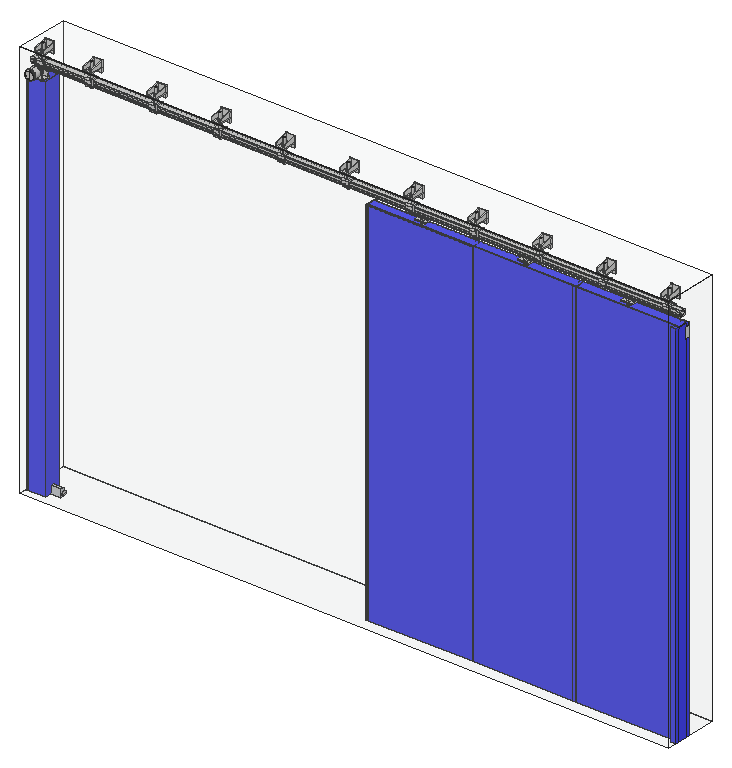
Revit family "Somati-System_SGS_Horizontal-fire-sliding-door_9050_lintel_counterweight-behind-door-access_E120_W-to-H-less-or-equal-1,3", category Doors, host Wall, Revit 2018
Family settings
  Host = Wall
  OmniClass Number = 23.30.10.00
  OmniClass Title = Doors
  Always vertical = Yes
  Cut with Voids When Loaded = No
  Shared = No
  Room Calculation Point = No
Parameters (values of type "EI 120")
  Youtube clip = "https://www.youtube.com/watch?v=pRjbxBvixFY&feature=emb_logo"
  Wing top offset [instance] = 136 mm  # constant formula
  Wing thickness = 81.2 mm
  Wing access (D) [instance] = [Width (W)] + 150 mm  # 3150 mm
  Width (W) [instance] = 3000 mm
  Weight Net (Kg) = "0"
  Uniformat II Description = ""
  Uniformat II Code = ""
  Uniclass 2015 Name = ""
  Uniclass 2015 Code = ""
  Uniclass 2.0 Description = ""
  Uniclass 2.0 Code = ""
  Uniclass 1.4 Description = ""
  Uniclass 1.4 Code = ""
  UNSPSC Code = ""
  Total height (Z) [instance] = Height Control + 420 mm  # 4020 mm
  Thickness = 0 mm
  Technical description = "https://somati-system.pl/en/download/sgs-download-en/"
  Region South America = "None"
  Region Oceania = "None"
  Region North America = "None"
  Region Middle East = "None"
  Region Europe = "AD, AL, AT, AX, BA, BE, BG, BY, CH, CY, CZ, DE, DK, EE, ES, FI, FO, FR, GB, GG, GI, GR, HR, HU, IE, IM, IS, IT, JE, LI, LT, LU, LV, MC, MD, ME, MK, MT, NL, NO, PL, PT, RO, RS, RU, SE, SI, SJ, SK, SM, UA, VA"
  Region Asia = "None"
  Region Antarctica = "None"
  Region Africa = "None"
  Rail and assembly materials [instance] = Somati - Stainless Steel - 7035
  QR code = "http://bimobject.com/somati-system/product/SGS_HORIZONTAL_FIRE_SLIDING_DOOR"
  Product url = "https://somati-system.pl/en/products/sgs-horizontal-fire-sliding-doors/"
  Product group = "SGS"
  Product family = "SGS"
  Product data url = "https://bimobject.com/somati-system/product/SGS_HORIZONTAL_FIRE_SLIDING_DOOR"
  Product certification = ""
  Product SKU = "SGS_HORIZONTAL_FIRE_SLIDING_DOOR"
  Product Guid = "8235eb12-0acf-4b60-9ca9-7613396e8d01"
  Power supply of control panel = "230V/50Hz/6A"  # constant formula
  Panel width [instance] = ([Width (W)] + 205 mm) / Number of panels in wing  # 1068.333 mm
  Panel material = Somati - Stainless Steel - Custom
  Panel height [instance] = Height Control + Wing top offset  # 3736 mm
  OmniClass Description = ""
  OmniClass Code = ""
  Offset Right [instance] = 0 mm
  Offset Left [instance] = [Counterweight housing (A2)]  # 195 mm
  Number of panels in wing [instance] = roundup([Width (W)] / 1000 mm)  # 3
  Number of hangers [instance] = ([Guide rail length (K)] - 420 mm) / 600 mm  # 10
  Nominal width = 0 mm
  Nominal height = 0 mm
  NBS Reference Description = ""
  NBS Reference Code = ""
  Model = "SGS"  # constant formula
  Max number of opening cycles = 50000  # constant formula
  Material secondary = "Composite"
  Material main = "Steel"
  Masterformat 2014 Description = ""
  Masterformat 2014 Code = ""
  Manufacturer name = "Somati System"
  Manufacturer country = "Poland"
  Manufacturer = "Somati System"  # constant formula
  Installation instructions = ""
  IFC Classification = ""
  Height Control [instance] = if([Height (H)] < 3501 mm, 3501 mm, [Height (H)])  # 3600 mm
  Height (H) [instance] = 3600 mm
  Guide rail lower edge (B1) [instance] = Height Control + 170 mm  # 3770 mm
  Guide rail length (K) [instance] = [Wing access (D)] + [Width (W)] + [Counterweight housing (A2)]  # 6345 mm
  Gate Control type = "Electromagnetic brake"  # constant formula
  GTIN code = ""
  Function = Interior
  Height = 2000 mm
  Wall Closure = By host
  Width = 1000 mm
  Fire resistance = "EI 60, EI 120 n"  # constant formula
  Edition number = 1
  Design country = "Poland"
  Date of publishing = ""
  Counterweight housing (A2) [instance] = if([Width (W)] / Height Control > 1.3, 330 mm, 195 mm)  # 195 mm
  Console mounting axis (B2) [instance] = if(Height Control > 3500 mm, Height Control + 239 mm, Height Control + 179 mm)  # 3839 mm
  Clearance Area Visibility [instance] = yes
  COBIe Type Category = ""
  Buffer (A1) [instance] = [Width (W)] + 330 mm  # 3330 mm
  Brand url = ""
  BIMobject main category code = "doors"
  BIMobject main category = "Doors"
  BIMobject category code = "doors-fire"
  BIMobject category = "Fire Doors & Shutters"
  Available surface fnish = "Galvanized Stainless Steel PVC, MDF, HDF, laminate or veneer, STANDARD RAL 7035, 9002, 9006, 9010, and powder coating of whole RAL pallet"  # constant formula
Reference planes
  plane 1: y = 0
  plane 2 "Center (Left/Right)": x = 0
  plane 3 "Left": x = -1500
  plane 4 "Right": x = 1500
  plane 5 "Cutout height": z = 3600
  plane 6 "Exterior": y = 150
  plane 7 "Interior": y = -150
  plane 8 "Consoles mounting axis": z = 3839
  plane 9 "Total height top": z = 4020
  plane 10 "Guide rail bottom": z = 3770
  plane 11 "Wing access": x = -4650
  plane 12 "Buffer placement": x = -4830
  plane 13 "Handle": z = 1050
  plane 14 "Wing end left": x = -1645
  plane 15 "Wing end top": z = 3736
  plane 16 "Wing end right": x = 1500
  plane 17: y = -324
  plane 18 "Wing axis": y = -231.875
  plane 19: y = -75
  plane 20: y = -193.4
  plane 21: y = -270.35
  plane 22: x = -1647
  plane 23 "end of hangers": x = -4440
  plane 24: x = -1040
  plane 25: x = -1545
  plane 26: y = -295.35
  plane 27: y = -162.9
  plane 28: x = -5025
  plane 29: x = -4839
  plane 30: x = -4932
  plane 31: x = 1500
  plane 32: x = -5025
  plane 33: x = -4927.5
  plane 34: x = 1370
  plane 35: z = 3802
  plane 36: y = -400.855
Forms (mm)
  Sweep 1, solid
    path origin (0, -150, 0) x (1, 0, 0) y (0, 0, 1)
      loop
        line (-1500, 0) -> (-1500, 3582) -> (1500, 3582)
    profile origin (-1500, -150, 1791) x (-1, 0, 0) y (0, -1, 0)
      loop
        line (15, 33) -> (15, 4)
        arc (15, 4) -> (16.172, 1.172) -> (19, 0) r 4
        line (19, 0) -> (110.462, 0)
        arc (110.462, 0) -> (113.29, 1.172) -> (114.462, 4) r 4
        line (114.462, 4) -> (114.462, 29)
        arc (114.462, 29) -> (115.048, 30.414) -> (116.462, 31) r 2
        line (116.462, 31) -> (137.462, 31) -> (137.462, 33) -> (15, 33)
  Sweep 2, solid, material "Somati - Stainless Steel - Custom" <- "Panel material"
    path origin (0, -150, 0) x (1, 0, 0) y (0, 0, 1)
      loop
        line (-1645, 3736) -> (-1645, 0)
    profile origin (-1645, -150, 1868) x (0, -1, 0) y (1, 0, 0)
      loop
        arc (18.1, 2) -> (19.272, -0.828) -> (22.1, -2) r 4
        line (22.1, -2) -> (118.35, -2)
        arc (118.35, -2) -> (121.178, -0.828) -> (122.35, 2) r 4
        line (122.35, 2) -> (122.35, 13) -> (120.35, 13) -> (120.35, 2)
        arc (120.35, 2) -> (119.764, 0.586) -> (118.35, 0) r 2
        line (118.35, 0) -> (22.1, 0)
        arc (22.1, 0) -> (20.686, 0.586) -> (20.1, 2) r 2
        line (20.1, 2) -> (20.1, 23) -> (18.1, 23) -> (18.1, 2)
  Sweep 3, solid, material "Somati - Stainless Steel - Custom" <- "Panel material"
    path origin (0, -150, 0) x (1, 0, 0) y (0, 0, 1)
      loop
        line (-1647, 3736) -> (1500, 3736)
    profile origin (-73.5, -150, 3736) x (0, 0, 1) y (0, -1, 0)
      loop
        line (-23, 19.5) -> (-23, 17.5) -> (-2, 17.5)
        arc (-2, 17.5) -> (0.828, 18.672) -> (2, 21.5) r 4
        line (2, 21.5) -> (2, 117.5) -> (0, 117.5) -> (0, 21.5)
        arc (0, 21.5) -> (-0.586, 20.086) -> (-2, 19.5) r 2
        line (-2, 19.5) -> (-23, 19.5)
  Sweep 4, solid, material "Somati - Stainless Steel - 7035" <- "Rail and assembly materials"
    path origin (0, -150, -4.5) x (1, 0, 0) y (0, 0, 1)
      loop
        line (-5025, 3774.5) -> (1500, 3774.5)
    profile origin (-1762.5, -150, 3770) x (0, 0, 1) y (0, -1, 0)
      loop
        arc (105, 105.25) -> (102.95, 110.2) -> (98, 112.25) r 7
        line (98, 112.25) -> (75.917, 112.25)
        arc (75.917, 112.25) -> (75.008, 112.191) -> (74.114, 112.014) r 7
        line (74.114, 112.014) -> (50.196, 105.636)
        arc (50.196, 105.636) -> (46.449, 103.137) -> (45, 98.872) r 7
        line (45, 98.872) -> (45, 88.75) -> (48, 88.75) -> (48, 100.25) -> (50.312, 102.562) -> (75.393, 109.25) -> (98, 109.25)
        arc (98, 109.25) -> (100.828, 108.078) -> (102, 105.25) r 4
        line (102, 105.25) -> (102, 54.25)
        arc (102, 54.25) -> (100.828, 51.422) -> (98, 50.25) r 4
        line (98, 50.25) -> (75.393, 50.25) -> (50.312, 56.938) -> (48, 59.25) -> (48, 70.75) -> (45, 70.75) -> (45, 60.628)
        arc (45, 60.628) -> (46.449, 56.363) -> (50.196, 53.864) r 7
        line (50.196, 53.864) -> (74.114, 47.486)
        arc (74.114, 47.486) -> (75.008, 47.309) -> (75.917, 47.25) r 7
        line (75.917, 47.25) -> (98, 47.25)
        arc (98, 47.25) -> (102.95, 49.3) -> (105, 54.25) r 7
        line (105, 54.25) -> (105, 105.25)
  Extrusion 5, solid, material "Clearance Areas", visible <- "Clearance Area Visibility"
    sketch origin (-2209.467, 358.585, 220.701) x (1, 0, 0) y (0, 0, -1)
      loop
        line (-2815.533, 220.701) -> (-2815.533, -3803.299) -> (3709.467, -3803.299) -> (3709.467, 220.701) -> (-2815.533, 220.701)
    from -759.44 to -208.585
  Sweep 6, solid, material "Somati - Stainless Steel - Custom" <- "Panel material"
    path origin (0, -150, 0) x (1, 0, 0) y (0, 0, 1)
      loop
        line (-5025, 0) -> (-5025, 3736)
    profile origin (-5025, -150, 1868) x (-1, 0, 0) y (0, -1, 0)
      loop
        line (-186, 161) -> (-186, 0) -> (0, 0) -> (0, 161) -> (-186, 161)
      loop
        line (-183, 3) -> (-3, 3) -> (-3, 157) -> (-183, 157) -> (-183, 3)
  Sweep 7, solid, material "Somati - Stainless Steel - Custom" <- "Panel material"
    path origin (0, -150, 0) x (1, 0, 0) y (0, 0, 1)
      loop
        line (1500, 0) -> (1500, 3736)
    profile origin (1500, -150, 1868) x (-1, 0, 0) y (0, -1, 0)
      loop
        line (51, 0) -> (51, 33) -> (2, 33) -> (2, 124) -> (48, 124) -> (48, 161) -> (0, 161) -> (0, 0) -> (51, 0)
Lines and regions (mm)
  Opening 1
    outline origin (-3050, -150, 0) x (1, 0, 0) y (0, 0, 1)
      loop
        line (1550, 0) -> (4550, 0) -> (4550, 3600) -> (1550, 3600) -> (1550, 0)
Text (mm)
  text "Exterior" at (-2295.016, 1099.543, 0), in view "Ref. Level"
  text "Exterior" at (0, 1615.38, 3698.081), in view "Left"
  text "Exterior" at (0, 1036.032, 3874.932), in view "Right"
Dimensions and locks
  equal spacing: plane 3 "Left", plane 2 "Center (Left/Right)", plane 4 "Right"
  "Width (W)": plane 3 "Left" to plane 4 "Right"
  "Height Control": plane 5 "Cutout height" to host wall
  host wall to plane 5 "Cutout height" = 3600 mm  (x2)
  locked: plane 6 "Exterior" to host wall at 0
  locked: plane 7 "Interior" to host wall
  "Total height (Z)": plane 9 "Total height top" to level
  "Console mounting axis (B2)": plane 8 "Consoles mounting axis" to level
  "Guide rail lower edge (B1)": plane 10 "Guide rail bottom" to level
  "Buffer (A1)": plane 12 "Buffer placement" to plane 3 "Left"
  "Wing access (D)": plane 11 "Wing access" to plane 3 "Left"
  locked: plane 13 "Handle" to level at 1050
  equal spacing: plane 20, plane 18 "Wing axis", plane 21
  equal spacing: group 1, group 6, group 2  (x3)
  "Wing top offset": plane 15 "Wing end top" to plane 5 "Cutout height"
  locked: plane 22 to plane 14 "Wing end left" at 2
  locked: Sweep 1 sketch curve to plane 5 "Cutout height" at 18
  locked: plane 23 "end of hangers" to plane 11 "Wing access" at 210
  equal spacing: group 4, group 13, group 12, group 11, group 10, group 9, group 8, group 7, group 5, group 3
  equal spacing: group 3, group 5, group 7, group 8, group 9, group 10, group 11, group 12, group 13, group 4  (x2)
  locked: plane 25 to plane 3 "Left" at 45
  locked: plane 27 to plane 20 at 30.5
  locked: plane 21 to plane 26 at 25
  plane 14 "Wing end left" to plane 3 "Left" = 145 mm
  "Counterweight housing (A2)": plane 28 to plane 12 "Buffer placement"
  locked: Sweep 6 sketch curve to Sweep 6 sketch curve at 3  (x2)
  locked: plane 29 to plane 12 "Buffer placement" at 9
  equal spacing: plane 29, plane 30, plane 28
  "Offset Left": plane 32 to plane 12 "Buffer placement"
  "Offset Right": plane 4 "Right" to plane 31
  equal spacing: plane 28, plane 33, plane 12 "Buffer placement"
  locked: plane 35 to plane 15 "Wing end top" at 66
  locked: host wall to plane 36 at 250.855
  locked: plane 34 to plane 31 at 130
  locked: plane 18 "Wing axis" to host wall at 81.875
  plane 5 "Cutout height" to plane 9 "Total height top" = 420 mm
  aligned and locked: plane 3 "Left" to Opening 1 sketch curve
  aligned and locked: plane 5 "Cutout height" to Opening 1 sketch curve  (x2)
  aligned and locked: Opening 1 sketch curve to plane 4 "Right"
  aligned and locked: Opening 1 sketch curve to level
  aligned and locked: host wall to plane 1
  aligned and locked: nested 1 to plane 18 "Wing axis"
  aligned and locked: plane 14 "Wing end left" to nested 1
  aligned and locked: plane 16 "Wing end right" to nested 2
  aligned and locked: Sweep 1 sketch curve to plane 3 "Left"
  aligned and locked: plane 3 "Left" to Sweep 1 sketch curve
  aligned and locked: plane 4 "Right" to Sweep 1 sketch curve
  aligned and locked: level to Sweep 1 sketch curve
  aligned and locked: Sweep 2 sketch curve to plane 14 "Wing end left"
  aligned and locked: plane 15 "Wing end top" to Sweep 2 sketch curve
  aligned and locked: level to Sweep 2 sketch curve
  aligned and locked: Sweep 3 sketch curve to plane 15 "Wing end top"
  aligned and locked: Sweep 3 sketch curve to plane 22
  aligned and locked: plane 16 "Wing end right" to Sweep 3 sketch curve
  aligned and locked: nested 4 to plane 23 "end of hangers"
  aligned and locked: plane 6 "Exterior" to Extrusion 5
  aligned and locked: nested 2 to plane 18 "Wing axis"
  aligned and locked: plane 21 to Sweep 2
  aligned and locked: nested 6 to plane 18 "Wing axis"
  aligned and locked: nested 6 to plane 12 "Buffer placement"
  aligned and locked: plane 15 "Wing end top" to Sweep 6 sketch curve
  aligned and locked: Sweep 6 sketch curve to plane 28
  aligned and locked: Sweep 6 sketch curve to plane 29
  aligned and locked: Sweep 7 sketch curve to plane 4 "Right"
  aligned and locked: plane 15 "Wing end top" to Sweep 7 sketch curve
  aligned and locked: plane 32 to Sweep 4 sketch curve
  aligned and locked: plane 31 to Sweep 4 sketch curve
  aligned and locked: Sweep 4 sketch curve to plane 10 "Guide rail bottom"
  aligned and locked: plane 9 "Total height top" to nested 3
  aligned and locked: plane 9 "Total height top" to nested 5
  aligned and locked: nested 3 to host wall
  aligned and locked: nested 5 to host wall
  aligned and locked: Extrusion 5 to plane 32
  aligned and locked: plane 31 to Extrusion 5
  aligned and locked: nested 15 to plane 33
  aligned and locked: host wall to nested 15
  aligned and locked: nested 15 to plane 9 "Total height top"
  aligned and locked: plane 31 to plane 16 "Wing end right"
  aligned and locked: nested 3 to plane 34
  aligned and locked: nested 16 to plane 35
  aligned and locked: nested 16 to plane 18 "Wing axis"
  aligned and locked: plane 33 to nested 16
  aligned and locked: Extrusion 5 to plane 36
  aligned and locked: Extrusion 5 to nested 15
Automatic sketch dimensions
  Sweep 6 sketch curve to plane 28 = 0 mm
  Sweep 6 sketch curve to plane 13 "Handle" = 1050 mm
  Sweep 2 sketch curve to Sweep 2 sketch curve = 0 mm  (x4)
  Sweep 2 sketch curve to profile plane = 0 mm
  Sweep 2 sketch curve to profile plane = 2 mm  (x2)
  plane 7 "Interior" to Sweep 2 sketch curve = 18.1 mm
  Sweep 2 sketch curve to Sweep 2 sketch curve = 2 mm
  Sweep 2 sketch curve to Sweep 2 sketch curve = 96.25 mm
  Sweep 2 sketch curve to Sweep 2 sketch curve = 11 mm
  Sweep 2 sketch curve to Sweep 2 sketch curve = 21 mm
  Sweep 3 sketch curve to Sweep 3 sketch curve = 0 mm  (x2)
  profile plane to Sweep 3 sketch curve = 0 mm
  profile plane to Sweep 3 sketch curve = 2 mm
  Sweep 3 sketch curve to Sweep 3 sketch curve = 21 mm
  Sweep 3 sketch curve to Sweep 3 sketch curve = 2 mm
  plane 7 "Interior" to Sweep 3 sketch curve = 17.5 mm
  Sweep 3 sketch curve to Sweep 3 sketch curve = 96 mm
  plane 9 "Total height top" to Extrusion 5 sketch curve = 4 mm
  Extrusion 5 sketch curve to plane 12 "Buffer placement" = 195 mm
  Extrusion 5 sketch curve to level = 0 mm
  Sweep 6 sketch curve to plane 7 "Interior" = 0 mm
  plane 7 "Interior" to Sweep 6 sketch curve = 3 mm
  Sweep 6 sketch curve to Sweep 6 sketch curve = 154 mm
  Sweep 6 sketch curve to Sweep 6 sketch curve = 4 mm
  Sweep 7 sketch curve to plane 13 "Handle" = 1050 mm
  plane 7 "Interior" to Sweep 7 sketch curve = 0 mm
  profile plane to Sweep 7 sketch curve = 0 mm
  Sweep 7 sketch curve to Sweep 7 sketch curve = 2 mm
  Sweep 7 sketch curve to profile plane = 48 mm
  Sweep 7 sketch curve to profile plane = 51 mm
  plane 7 "Interior" to Sweep 7 sketch curve = 33 mm
  Sweep 7 sketch curve to Sweep 7 sketch curve = 91 mm
  Sweep 7 sketch curve to Sweep 7 sketch curve = 37 mm
  Sweep 4 sketch curve to Sweep 4 sketch curve = 0 mm  (x5)
  Sweep 4 sketch curve to profile plane = 45 mm  (x2)
  Sweep 4 sketch curve to profile plane = 48 mm  (x2)
  Sweep 4 sketch curve to profile plane = 50.196 mm  (x2)
  Sweep 4 sketch curve to Sweep 4 sketch curve = 0.115 mm  (x2)
  Sweep 4 sketch curve to Sweep 4 sketch curve = 1.688 mm  (x2)
  Sweep 4 sketch curve to Sweep 4 sketch curve = 23.917 mm  (x2)
  Sweep 4 sketch curve to Sweep 4 sketch curve = 1.279 mm  (x2)
  Sweep 4 sketch curve to Sweep 4 sketch curve = 1.804 mm
  Sweep 4 sketch curve to Sweep 4 sketch curve = 0.524 mm
  Sweep 4 sketch curve to Sweep 4 sketch curve = 22.083 mm  (x2)
  Sweep 4 sketch curve to Sweep 4 sketch curve = 4 mm
  Sweep 4 sketch curve to Sweep 4 sketch curve = 3 mm
  plane 7 "Interior" to Sweep 4 sketch curve = 47.25 mm
  Sweep 4 sketch curve to Sweep 4 sketch curve = 0.236 mm
  Sweep 4 sketch curve to Sweep 4 sketch curve = 6.378 mm  (x2)
  Sweep 4 sketch curve to Sweep 4 sketch curve = 3.074 mm  (x2)
  Sweep 4 sketch curve to Sweep 4 sketch curve = 2.312 mm
  Sweep 4 sketch curve to Sweep 4 sketch curve = 10.122 mm  (x2)
  Sweep 4 sketch curve to Sweep 4 sketch curve = 18 mm
  Sweep 4 sketch curve to Sweep 4 sketch curve = 1.378 mm
  plane 7 "Interior" to Sweep 1 sketch curve = 0 mm
  Sweep 1 sketch curve to profile plane = 15 mm
  Sweep 1 sketch curve to Sweep 1 sketch curve = 4 mm
  plane 7 "Interior" to Sweep 1 sketch curve = 4 mm
  Sweep 1 sketch curve to Sweep 1 sketch curve = 91.462 mm
  Sweep 1 sketch curve to Sweep 1 sketch curve = 2 mm
  Sweep 1 sketch curve to Sweep 1 sketch curve = 21 mm
  Sweep 1 sketch curve to Sweep 1 sketch curve = 25 mm
  Sweep 1 sketch curve to Sweep 1 sketch curve = 29 mm
  Extrusion 5 sketch curve to plane 16 "Wing end right" = 0 mm
Nested families
  nested 1: "Family2" at (-1110.833, -231.875, 0), Material <- "Panel material", Width <- "Panel width", Thickness <- "Wing thickness", Height <- "Panel height", type "Family2"
    with Width 1068.333 mm, Thickness 81.2 mm, Material Somati - Stainless Steel - Custom, Height 3736 mm
  nested 2: "Family2" at (965.833, -231.875, 0), Material <- "Panel material", Width <- "Panel width", Thickness <- "Wing thickness", Height <- "Panel height", type "Family2"
    with Width 1068.333 mm, Thickness 81.2 mm, Material Somati - Stainless Steel - Custom, Height 3736 mm
  nested 3: "Family3" at (1336, -230.402, 3902) x (0, 1, 0) z (1, 0, 0), type "Family3", detail levels medium+fine
  nested 4: "Family3" at (-4474, -230.402, 3902) x (0, 1, 0) z (1, 0, 0), type "Family3", detail levels medium+fine
  nested 5: "Family3" at (690.444, -230.402, 3902) x (0, 1, 0) z (1, 0, 0), type "Family3", detail levels medium+fine
  nested 6: "Stopper" at (-4780.037, -231.875, 0), type "Stopper", detail levels medium+fine
  nested 7: "Family2" at (-72.5, -231.875, 0), Material <- "Panel material", Width <- "Panel width", Thickness <- "Wing thickness", Height <- "Panel height", type "Family2"
    with Width 1068.333 mm, Thickness 81.2 mm, Material Somati - Stainless Steel - Custom, Height 3736 mm
  nested 8: "Family3" at (44.889, -230.402, 3902) x (0, 1, 0) z (1, 0, 0), type "Family3", detail levels medium+fine
  nested 9: "Family3" at (-600.667, -230.402, 3902) x (0, 1, 0) z (1, 0, 0), type "Family3", detail levels medium+fine
  nested 10: "Family3" at (-1246.222, -230.402, 3902) x (0, 1, 0) z (1, 0, 0), type "Family3", detail levels medium+fine
  nested 11: "Family3" at (-1891.778, -230.402, 3902) x (0, 1, 0) z (1, 0, 0), type "Family3", detail levels medium+fine
  nested 12: "Family3" at (-2537.333, -230.402, 3902) x (0, 1, 0) z (1, 0, 0), type "Family3", detail levels medium+fine
  nested 13: "Family3" at (-3182.889, -230.402, 3902) x (0, 1, 0) z (1, 0, 0), type "Family3", detail levels medium+fine
  nested 14: "Family3" at (-3828.444, -230.402, 3902) x (0, 1, 0) z (1, 0, 0), type "Family3", detail levels medium+fine
  nested 15: "Family3" at (-4893.5, -230.402, 3902) x (0, 1, 0) z (-1, 0, 0), type "Family3"
  nested 16: "brake" at (-4927.5, -231.875, 3781.165) x (1, 0, 0) z (0, -1, 0), type "brake"
Definition of nested family "Family2"
  Parameters (values of type "Family2")
    Width [instance] = 349.761 mm
    Thickness [instance] = 117.742 mm
    Material [instance] = none
    Height [instance] = 398.765 mm
    Hardware material = none
  Reference planes
    plane 1 "Center (Front/Back)": y = 0
    plane 2: z = 0
    plane 3 "Center (Left/Right)": x = 0
    plane 4: x = -174.88
    plane 5: x = 174.88
    plane 6: y = 58.871
    plane 7: y = -58.871
    plane 8: z = 398.765
  Forms (mm)
    Extrusion 1, solid, material <- "Material"
      sketch origin (0, 0, 0) x (1, 0, 0) y (0, 1, 0)
        loop
          line (-174.88, -58.871) -> (174.88, -58.871) -> (174.88, 58.871) -> (-174.88, 58.871) -> (-174.88, -58.871)
      from 0 to 398.765
  Dimensions and locks
    equal spacing: plane 4, plane 3 "Center (Left/Right)", plane 5
    "Width": plane 4 to plane 5
    equal spacing: plane 6, plane 1 "Center (Front/Back)", plane 7
    "Thickness": plane 6 to plane 7
    "Height": plane 8 to plane 2
    aligned and locked: level to plane 2
    aligned and locked: plane 6 to Extrusion 1
    aligned and locked: Extrusion 1 to plane 7
    aligned and locked: Extrusion 1 to plane 4
    aligned and locked: plane 5 to Extrusion 1
    aligned and locked: plane 6 to Extrusion 1 sketch curve
    aligned and locked: Extrusion 1 sketch curve to plane 7
    aligned and locked: Extrusion 1 sketch curve to plane 4
    aligned and locked: plane 5 to Extrusion 1 sketch curve
    aligned and locked: plane 8 to Extrusion 1
    aligned and locked: plane 3 "Center (Left/Right)" to nested 1
    aligned and locked: plane 1 "Center (Front/Back)" to nested 1
    aligned and locked: nested 1 to plane 8
  Nested families
    nested 1: "Family1" at (0, 0, 491.765), type "Family1", detail levels medium+fine
  Definition of nested family "Family1"
    Parameters (values of type "Family1")
      Material = none
    Reference planes
      plane 1 "Center (Front/Back)": y = 0
      plane 2: z = 0
      plane 3 "Center (Left/Right)": x = 0
      plane 4: y = 1.5
      plane 5: y = -1.5
      plane 6: z = -93
    Forms (mm)
      Extrusion 1, solid, material <- "Material"
        sketch origin (0, 0, 0) x (0, 1, 0) y (0, 0, 1)
          loop
            arc (-4, -26) -> (0.101, -35.899) -> (10, -40) r 14
            line (10, -40) -> (12, -40)
            arc (12, -40) -> (16.243, -41.757) -> (18, -46) r 6
            line (18, -46) -> (18, -48)
            arc (18, -48) -> (16.243, -52.243) -> (12, -54) r 6
            line (12, -54) -> (-34, -54) -> (-34, -62) -> (12, -62)
            arc (12, -62) -> (21.899, -57.899) -> (26, -48) r 14
            line (26, -48) -> (26, -46)
            arc (26, -46) -> (21.899, -36.101) -> (12, -32) r 14
            line (12, -32) -> (10, -32)
            arc (10, -32) -> (5.757, -30.243) -> (4, -26) r 6
            line (4, -26) -> (4, 38) -> (-4, 38) -> (-4, -26)
        from -55 to 55
      Revolve 2, solid, material <- "Material"
        sketch origin (0, 0, 0) x (1, 0, 0) y (0, 0, 1)
          loop
            line (0, -184) -> (8.5, -184) -> (10, -182.5) -> (10, -94) -> (12.375, -94)
            arc (12.375, -94) -> (14.57, -93.613) -> (16.5, -92.5) r 6.422
            line (16.5, -92.5) -> (16.5, -86)
            arc (16.5, -86) -> (14.667, -84.526) -> (12.375, -84) r 5.254
            line (12.375, -84) -> (10, -84) -> (10, -75) -> (12.375, -75)
            arc (12.375, -75) -> (14.57, -74.613) -> (16.5, -73.5) r 6.422
            line (16.5, -73.5) -> (16.5, -67)
            arc (16.5, -67) -> (14.667, -65.526) -> (12.375, -65) r 5.254
            line (12.375, -65) -> (20, -65) -> (20, -62) -> (0, -62) -> (0, -184)
          loop
            line (16.5, -54) -> (16.5, -43)
            arc (16.5, -43) -> (14.667, -41.526) -> (12.375, -41) r 5.254
            line (12.375, -41) -> (0, -41) -> (0, -54) -> (16.5, -54)
          axis (0, -184) -> (0, -41)
        angle from 0 to 360
      Extrusion 3, void
        sketch origin (0, 0, 23) x (1, 0, 0) y (0, 0, 1)
          loop
            arc (-55, -28.637) -> (0, 15) -> (55, -28.637) r 56.479
            line (55, -28.637) -> (55, 17.5) -> (-55, 17.5) -> (-55, -28.637)
        from -23 to 30.5
      Extrusion 4, solid, material <- "Material"
        sketch origin (25, 0, 12.612) x (1, 0, 0) y (0, 0, 1)
          loop
            circle (70, 0) r 9
        from -7 to -3
      Extrusion 5, solid, material <- "Material"
        sketch origin (25, 0, 12.612) x (1, 0, 0) y (0, 0, -1)
          loop
            circle (70, -1.528) r 25
        from -22 to -9
      Sweep 6, void
        path in 3D
          loop
            arc (70, -9, 14.141) -> (95, -9, -10.859) -> (120, -9, 14.141) r 25
            arc (120, -9, 14.141) -> (95, -9, 39.141) -> (70, -9, 14.141) r 25
        profile origin (95, -9, 39.141) x (0, 0, 1) y (0, 1, 0)
          loop
            line (-1.5, 0) -> (0, -1.5) -> (0.954, -0.546) -> (-0.546, 0.954) -> (-1.5, 0)
      Extrusion 7, solid, material <- "Material"
        sketch origin (25, 0, 12.612) x (1, 0, 0) y (0, 0, -1)
          loop
            circle (70, 0) r 9
        from -7 to -3
      Extrusion 8, solid, material <- "Material"
        sketch origin (-25, 0, 12.612) x (-1, 0, 0) y (0, 0, -1)
          loop
            circle (70, 0) r 9
        from -9 to -1.5
      Extrusion 9, solid, material <- "Material"
        sketch origin (-25, 0, 12.612) x (-1, 0, 0) y (0, 0, 1)
          loop
            circle (70, 0) r 9
        from -9 to -1.5
      Extrusion 10, solid, material <- "Material"
        sketch origin (0, 0, 0) x (1, 0, 0) y (0, 0, 1)
          loop
            line (114, 38) -> (-114, 38)
            arc (-114, 38) -> (-118.243, 36.243) -> (-120, 32) r 6
            line (-120, 32) -> (-120, -6)
            arc (-120, -6) -> (-118.243, -10.243) -> (-114, -12) r 6
            line (-114, -12) -> (-70, -12) -> (-70, -4) -> (-24.592, -4) -> (24.592, -4) -> (70, -4) -> (70, -12) -> (114, -12)
            arc (114, -12) -> (118.243, -10.243) -> (120, -6) r 6
            line (120, -6) -> (120, 32)
            arc (120, 32) -> (118.243, 36.243) -> (114, 38) r 6
        from -1.5 to 1.5
      Revolve 11, solid, material <- "Material"
        sketch origin (0, 0, 0) x (0, 1, 0) y (0, 0, 1)
          loop
            arc (-22.5, -52.2) -> (-24.522, -52.351) -> (-26.5, -52.8) r 13.633
            line (-26.5, -52.8) -> (-26.5, -54) -> (-22.5, -54) -> (-22.5, -52.2)
          axis (-22.5, -54) -> (-22.5, -52.2)
        angle from 0 to 360
      Sweep 12, void
        path in 3D
          loop
            arc (70, -22, 14.141) -> (95, -22, -10.859) -> (120, -22, 14.141) r 25
            arc (120, -22, 14.141) -> (95, -22, 39.141) -> (70, -22, 14.141) r 25
        profile origin (95, -22, 39.141) x (0, 0, -1) y (0, -1, 0)
          loop
            line (1.5, 0) -> (0.546, 0.954) -> (-0.954, -0.546) -> (0, -1.5) -> (1.5, 0)
      Extrusion 13, solid, material <- "Material"
        sketch origin (25, 0, 12.612) x (1, 0, 0) y (0, 0, 1)
          loop
            circle (70, 1.528) r 25
        from -22 to -9
      Sweep 14, void
        path in 3D
          loop
            arc (120, 9, 14.141) -> (95, 9, -10.859) -> (70, 9, 14.141) r 25
            arc (70, 9, 14.141) -> (95, 9, 39.141) -> (120, 9, 14.141) r 25
        profile origin (95, 9, 39.141) x (0, 0, 1) y (0, -1, 0)
          loop
            line (-1.5, 0) -> (0, -1.5) -> (0.954, -0.546) -> (-0.546, 0.954) -> (-1.5, 0)
      Sweep 15, void
        path in 3D
          loop
            arc (70, 22, 14.141) -> (95, 22, -10.859) -> (120, 22, 14.141) r 25
            arc (120, 22, 14.141) -> (95, 22, 39.141) -> (70, 22, 14.141) r 25
        profile origin (95, 22, 39.141) x (0, 0, 1) y (0, 1, 0)
          loop
            line (-1.5, 0) -> (0, -1.5) -> (0.954, -0.546) -> (-0.546, 0.954) -> (-1.5, 0)
      Extrusion 16, solid, material <- "Material"
        sketch origin (-25, 0, 12.612) x (-1, 0, 0) y (0, 0, -1)
          loop
            circle (70, 0) r 9
        from -9 to -3
      Extrusion 17, solid, material <- "Material"
        sketch origin (-25, 0, 12.612) x (-1, 0, 0) y (0, 0, 1)
          loop
            circle (70, 1.528) r 25
        from -22 to -9
      Sweep 18, void
        path in 3D
          loop
            arc (-120, -9, 14.141) -> (-95, -9, -10.859) -> (-70, -9, 14.141) r 25
            arc (-70, -9, 14.141) -> (-95, -9, 39.141) -> (-120, -9, 14.141) r 25
        profile origin (-95, -9, 39.141) x (0, 0, 1) y (0, 1, 0)
          loop
            line (-1.5, 0) -> (0, -1.5) -> (0.954, -0.546) -> (-0.546, 0.954) -> (-1.5, 0)
      Extrusion 19, solid, material <- "Material"
        sketch origin (-25, 0, 12.612) x (-1, 0, 0) y (0, 0, 1)
          loop
            circle (70, 0) r 9
        from -9 to -3
      Sweep 20, void
        path in 3D
          loop
            arc (-70, -22, 14.141) -> (-95, -22, -10.859) -> (-120, -22, 14.141) r 25
            arc (-120, -22, 14.141) -> (-95, -22, 39.141) -> (-70, -22, 14.141) r 25
        profile origin (-95, -22, 39.141) x (0, 0, 1) y (0, -1, 0)
          loop
            line (-1.5, 0) -> (0, -1.5) -> (0.954, -0.546) -> (-0.546, 0.954) -> (-1.5, 0)
      Extrusion 21, solid, material <- "Material"
        sketch origin (-25, 0, 12.612) x (-1, 0, 0) y (0, 0, -1)
          loop
            circle (70, -1.528) r 25
        from -22 to -9
      Sweep 22, void
        path in 3D
          loop
            arc (-70, 9, 14.141) -> (-95, 9, -10.859) -> (-120, 9, 14.141) r 25
            arc (-120, 9, 14.141) -> (-95, 9, 39.141) -> (-70, 9, 14.141) r 25
        profile origin (-95, 9, 39.141) x (0, 0, 1) y (0, -1, 0)
          loop
            line (-1.5, 0) -> (0, -1.5) -> (0.954, -0.546) -> (-0.546, 0.954) -> (-1.5, 0)
      Sweep 23, void
        path in 3D
          loop
            arc (-70, 22, 14.141) -> (-95, 22, -10.859) -> (-120, 22, 14.141) r 25
            arc (-120, 22, 14.141) -> (-95, 22, 39.141) -> (-70, 22, 14.141) r 25
        profile origin (-95, 22, 39.141) x (0, 0, -1) y (0, 1, 0)
          loop
            line (1.5, 0) -> (0.546, 0.954) -> (-0.954, -0.546) -> (0, -1.5) -> (1.5, 0)
    Cuts and joins
      Extrusion 3 cuts Extrusion 1
      Sweep 6, Sweep 12, Sweep 14, Sweep 15, Sweep 18, Sweep 20 cuts Extrusion 5
      Sweep 14, Sweep 15, Sweep 22, Sweep 23 cuts Extrusion 13
      Sweep 18, Sweep 20 cuts Extrusion 17
      Sweep 22, Sweep 23 cuts Extrusion 21
    Lines and regions (mm)
      sketch lines
        curve 1: arc (120, -9, 14.141) -> (95, -9, 39.141) -> (70, -9, 14.141) r 25
        curve 2: arc (70, -9, 14.141) -> (95, -9, -10.859) -> (120, -9, 14.141) r 25
        curve 3: arc (120, -22, 14.141) -> (95, -22, 39.141) -> (70, -22, 14.141) r 25
        curve 4: arc (70, -22, 14.141) -> (95, -22, -10.859) -> (120, -22, 14.141) r 25
        curve 5: arc (70, 9, 14.141) -> (95, 9, 39.141) -> (120, 9, 14.141) r 25
        curve 6: arc (120, 9, 14.141) -> (95, 9, -10.859) -> (70, 9, 14.141) r 25
        curve 7: arc (120, 22, 14.141) -> (95, 22, 39.141) -> (70, 22, 14.141) r 25
        curve 8: arc (70, 22, 14.141) -> (95, 22, -10.859) -> (120, 22, 14.141) r 25
        curve 9: arc (-70, -9, 14.141) -> (-95, -9, 39.141) -> (-120, -9, 14.141) r 25
        curve 10: arc (-120, -9, 14.141) -> (-95, -9, -10.859) -> (-70, -9, 14.141) r 25
        curve 11: arc (-120, -22, 14.141) -> (-95, -22, 39.141) -> (-70, -22, 14.141) r 25
        curve 12: arc (-70, -22, 14.141) -> (-95, -22, -10.859) -> (-120, -22, 14.141) r 25
        curve 13: arc (-120, 9, 14.141) -> (-95, 9, 39.141) -> (-70, 9, 14.141) r 25
        curve 14: arc (-70, 9, 14.141) -> (-95, 9, -10.859) -> (-120, 9, 14.141) r 25
        curve 15: arc (-120, 22, 14.141) -> (-95, 22, 39.141) -> (-70, 22, 14.141) r 25
        curve 16: arc (-70, 22, 14.141) -> (-95, 22, -10.859) -> (-120, 22, 14.141) r 25
    Dimensions and locks
      aligned and locked: level to plane 2
Definition of nested family "Family3"
  Parameters (values of type "Family3")
    Material = none
    Default Elevation = 1219.2 mm
  Reference planes
    plane 1 "Center (Front/Back)": y = 0
    plane 2: z = 0
    plane 3 "Center (Left/Right)": x = 0
    plane 4: z = 34
    plane 5: y = -35.027
  Forms (mm)
    Extrusion 1, solid, material <- "Material"
      sketch origin (-42.203, -116.551, 0) x (1, 0, 0) y (0, 1, 0)
        loop
          arc (11.703, 98.551) -> (4.632, 95.622) -> (1.703, 88.551) r 10
          line (1.703, 88.551) -> (1.703, 54.862)
          arc (1.703, 54.862) -> (1.787, 53.562) -> (2.04, 52.285) r 10
          line (2.04, 52.285) -> (7.723, 30.974)
          arc (7.723, 30.974) -> (11.293, 25.621) -> (17.385, 23.551) r 10
          line (17.385, 23.551) -> (29.703, 23.551) -> (29.703, 29.551) -> (17.385, 29.551)
          arc (17.385, 29.551) -> (14.948, 30.379) -> (13.52, 32.52) r 4
          line (13.52, 32.52) -> (7.838, 53.831)
          arc (7.838, 53.831) -> (7.737, 54.342) -> (7.703, 54.862) r 4
          line (7.703, 54.862) -> (7.703, 88.551)
          arc (7.703, 88.551) -> (8.874, 91.38) -> (11.703, 92.551) r 4
          line (11.703, 92.551) -> (72.703, 92.551)
          arc (72.703, 92.551) -> (75.531, 91.38) -> (76.703, 88.551) r 4
          line (76.703, 88.551) -> (76.703, 54.862)
          arc (76.703, 54.862) -> (76.669, 54.342) -> (76.568, 53.831) r 4
          line (76.568, 53.831) -> (70.885, 32.52)
          arc (70.885, 32.52) -> (69.457, 30.379) -> (67.02, 29.551) r 4
          line (67.02, 29.551) -> (54.703, 29.551) -> (54.703, 23.551) -> (67.02, 23.551)
          arc (67.02, 23.551) -> (73.112, 25.621) -> (76.682, 30.974) r 10
          line (76.682, 30.974) -> (82.365, 52.285)
          arc (82.365, 52.285) -> (82.618, 53.562) -> (82.703, 54.862) r 10
          line (82.703, 54.862) -> (82.703, 88.551)
          arc (82.703, 88.551) -> (79.774, 95.622) -> (72.703, 98.551) r 10
          line (72.703, 98.551) -> (11.703, 98.551)
      from 0 to 68
    Revolve 2, solid, material <- "Material"
      sketch origin (0, 15, 34) x (1, 0, 0) y (0, 1, 0)
        loop
          line (0, -33) -> (10, -33) -> (10, 12) -> (12.375, 12)
          arc (12.375, 12) -> (14.57, 12.387) -> (16.5, 13.5) r 6.422
          line (16.5, 13.5) -> (16.5, 20)
          arc (16.5, 20) -> (14.667, 21.474) -> (12.375, 22) r 5.254
          line (12.375, 22) -> (20, 22) -> (20, 25) -> (0, 25) -> (0, -33)
        loop
          line (0, 33) -> (20, 33) -> (20, 36) -> (12.375, 36)
          arc (12.375, 36) -> (14.57, 36.387) -> (16.5, 37.5) r 6.422
          line (16.5, 37.5) -> (16.5, 44)
          arc (16.5, 44) -> (14.667, 45.474) -> (12.375, 46) r 5.254
          line (12.375, 46) -> (10, 46) -> (10, 105.5) -> (8.5, 107) -> (0, 107) -> (0, 33)
        axis (0, 107) -> (0, -33)
      angle from 0 to 360
    Extrusion 3, solid, material <- "Material"
      sketch origin (-0.197, 0, 63.854) x (0, 1, 0) y (0, 0, -1)
        loop
          line (107, 76.927) -> (54, 76.927)
          arc (54, 76.927) -> (44.1, 72.827) -> (40, 62.927) r 14
          line (40, 62.927) -> (40, 0.927)
          arc (40, 0.927) -> (44.1, -8.972) -> (54, -13.073) r 14
          line (54, -13.073) -> (107, -13.073) -> (107, -5.073) -> (54, -5.073)
          arc (54, -5.073) -> (49.757, -3.315) -> (48, 0.927) r 6
          line (48, 0.927) -> (48, 62.927)
          arc (48, 62.927) -> (49.757, 67.17) -> (54, 68.927) r 6
          line (54, 68.927) -> (107, 68.927) -> (107, 76.927)
      from -72.598 to 49.402
    Extrusion 4, solid, material <- "Material"
      sketch origin (-0.197, 0, 63.854) x (0, 1, 0) y (0, 0, -1)
        loop
          line (118, 76.927) -> (8, 76.927) -> (8, -13.073) -> (118, -13.073) -> (118, 76.927)
      from -80.598 to -72.598
    Extrusion 5, void
      sketch origin (-0.197, 0, 63.854) x (0, 1, 0) y (-1, 0, 0)
        loop
          line (80.705, 49.402) -> (107, -71.653) -> (107, 49.402) -> (80.705, 49.402)
      from -76.927 to 13.073
  Cuts and joins
    Extrusion 5 cuts Extrusion 3
  Dimensions and locks
    aligned and locked: level to plane 2
Definition of nested family "Stopper"
  Parameters (values of type "Stopper")
    Material = none
  Reference planes
    plane 1 "Center (Front/Back)": y = 0
    plane 2: z = 0
    plane 3 "Center (Left/Right)": x = 0
  Forms (mm)
    Extrusion 1, solid
      sketch origin (0, -69.316, 40.1) x (1, 0, 0) y (0, 1, 0)
        loop
          line (-49.963, 50.816) -> (50, 50.816) -> (50, 87.816) -> (-49.963, 87.816) -> (-49.963, 50.816)
      from -40 to 40
    Revolve 2, solid, material <- "Material"
      sketch origin (0, -18.5, 40.1) x (1, 0, 0) y (0, 1, 0)
        loop
          line (50, 36.9) -> (50, 18.5) -> (67.112, 18.5) -> (67.112, 36.9) -> (50, 36.9)
        axis (50, 18.5) -> (67.112, 18.5)
      angle from 0 to 360
  Dimensions and locks
    aligned and locked: level to plane 2
Definition of nested family "brake"
  Parameters (values of type "brake")
    Material = none
    Default Elevation = 1219.2 mm
  Reference planes
    plane 1 "Center (Front/Back)": y = 0
    plane 2: z = 0
    plane 3 "Center (Left/Right)": x = 0
    plane 4: z = 0
  Forms (mm)
    Revolve 1, solid, material <- "Material", detail levels medium+fine
      sketch origin (-1.83, 20.835, 169) x (0, 1, 0) y (0, 0, -1)
        loop
          line (0, 113.55) -> (0, 0) -> (43.75, 0)
          arc (43.75, 0) -> (44.457, 0.293) -> (44.75, 1) r 1
          line (44.75, 1) -> (44.75, 14.373) -> (47.25, 17.352) -> (47.25, 76) -> (45.25, 78) -> (47.5, 78) -> (47.5, 81) -> (21.5, 81) -> (21.5, 89.5)
          arc (21.5, 89.5) -> (21.207, 90.207) -> (20.5, 90.5) r 1
          line (20.5, 90.5) -> (12.5, 90.5) -> (12.5, 93.55) -> (23, 93.55) -> (23, 95.3) -> (48, 95.3) -> (48, 97.8) -> (43.067, 101.346) -> (48, 104.8) -> (48, 107.3) -> (23, 107.3) -> (23, 109.05) -> (12, 109.05) -> (12, 110.55) -> (6, 110.55) -> (6, 112.55) -> (5, 113.55) -> (0, 113.55)
        axis (0, 113.55) -> (0, 0)
      angle from 0 to 360
    Revolve 2, solid, material <- "Material", detail levels medium+fine
      sketch origin (-49.158, 19.721, 169) x (0, 1, 0) y (0, 0, -1)
        loop
          line (-40, 180) -> (-40, 139.5) -> (-30.5, 139.5) -> (-29.03, 140.349) -> (-29.03, 147.5) -> (-26.5, 147.5) -> (-26.5, 150) -> (-33.5, 150) -> (-33.5, 153) -> (-28, 153) -> (-28, 155) -> (-12.5, 155) -> (-12.5, 157) -> (-16.068, 158.552)
          arc (-16.068, 158.552) -> (-18, 161.5) -> (-16.068, 164.448) r 3.214
          line (-16.068, 164.448) -> (-12.5, 166) -> (-12.5, 168) -> (-28, 168) -> (-28, 170) -> (-30.5, 170) -> (-29.03, 170.849) -> (-29.03, 178) -> (-30.5, 178.849) -> (-33.899, 178.849) -> (-35.05, 180) -> (-40, 180)
        axis (-40, 180) -> (-40, 139.5)
      angle from 0 to 360
    Revolve 3, solid, material <- "Material", detail levels medium+fine
      sketch origin (53.17, 20.835, 169) x (0, 1, 0) y (0, 0, -1)
        loop
          line (-7.5, 169) -> (33, 169) -> (33, 173.95) -> (31.95, 175) -> (3, 175) -> (3, 182.5) -> (0.5, 182.5) -> (0.5, 179.97) -> (-6.651, 179.97) -> (-7.5, 178.5) -> (-7.5, 169)
        axis (-7.5, 169) -> (33, 169)
      angle from 0 to 360
    Extrusion 4, solid, material <- "Material"
      sketch origin (-1.83, 20.835, 169) x (0, 1, 0) y (0, 0, -1)
        loop
          arc (3, 154.5) -> (2.561, 153.439) -> (1.5, 153) r 1.5
          line (1.5, 153) -> (-56, 153)
          arc (-56, 153) -> (-58.121, 152.121) -> (-59, 150) r 3
          line (-59, 150) -> (-59, 81)
          arc (-59, 81) -> (-58.121, 78.879) -> (-56, 78) r 3
          line (-56, 78) -> (47.5, 78) -> (47.5, 81) -> (-56, 81) -> (-56, 150) -> (1.5, 150)
          arc (1.5, 150) -> (4.682, 151.318) -> (6, 154.5) r 4.5
          line (6, 154.5) -> (6, 187) -> (3, 187) -> (3, 154.5)
      from -70 to 70
    Revolve 5, solid, material <- "Material", detail levels medium+fine
      sketch origin (-56.83, 20.835, 169) x (0, 1, 0) y (0, 0, 1)
        loop
          line (-7.5, -169) -> (-7.5, -178.5) -> (-6.651, -179.97) -> (0.5, -179.97) -> (0.5, -182.5) -> (3, -182.5) -> (3, -175) -> (31.95, -175) -> (33, -173.95) -> (33, -169) -> (-7.5, -169)
        axis (-7.5, -169) -> (33, -169)
      angle from 0 to 360
    Extrusion 6, void
      sketch origin (-1.83, 68.335, 91) x (1, 0, 0) y (0, -1, 0)
        loop
          line (-69.695, 98.721) -> (-77.865, 98.721) -> (-77.865, -6.279) -> (79.695, -6.279) -> (79.695, 98.721) -> (69.695, 98.721) -> (44.608, 30.233)
          arc (44.608, 30.233) -> (0, -0.933) -> (-44.608, 30.233) r 47.506
          line (-44.608, 30.233) -> (-69.695, 98.721)
      from 0 to 75
    Extrusion 7, solid, material <- "Material", detail levels coarse
      sketch origin (0, 0, 0) x (1, 0, 0) y (0, 1, 0)
        loop
          circle (-1.83, 20.835) r 48
      from 61.7 to 170.45
    Extrusion 8, solid, material <- "Material", detail levels coarse
      sketch origin (0, 0, 0) x (1, 0, 0) y (0, 1, 0)
        loop
          circle (-49.158, -20.279) r 27.5
      from 0 to 14
  Cuts and joins
    Extrusion 6 cuts Revolve 3
    Extrusion 6 cuts Revolve 5
    Extrusion 6 cuts Extrusion 4
  Lines and regions (mm)
    reference lines
      curve 1: line (0, 53.835, 0) -> (0, -57.961, 0)
      curve 2: line (0, 20.835, 55.45) -> (0, 20.835, 170.45)
  Dimensions and locks
    aligned and locked: level to plane 2
